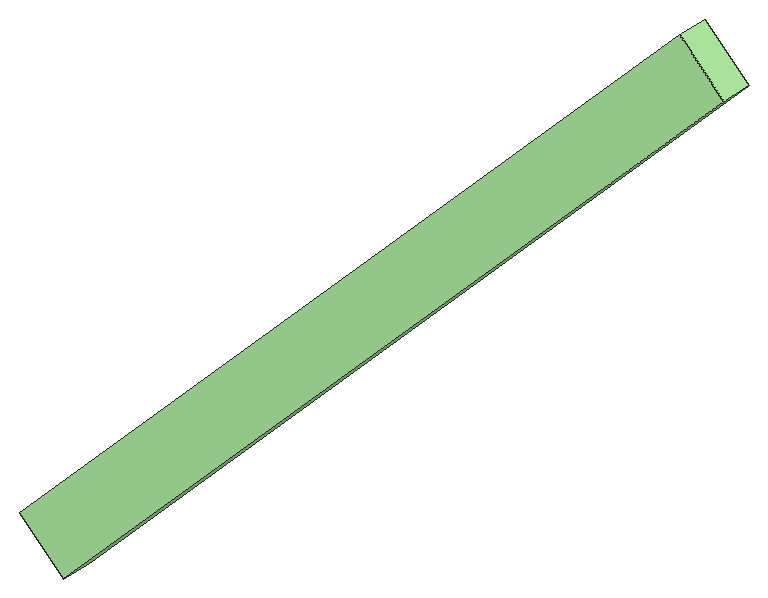
Revit family "ダクトサポート_H形鋼", category Generic Models, Revit 2020
Family settings
  Can host rebar = No
  Round Connector Dimension = Use Diameter
  Part Type = Normal
  Work Plane-Based = Yes
  Always vertical = No
  Cut with Voids When Loaded = No
  Shared = No
  Room Calculation Point = No
Parameters (values of type "Ｈ 100 x 50")
  高さ = 100 mm
  長辺 [instance] = 長さ  # 1500 mm
  長さ [instance] = 1500 mm
  部屋名 = ""
  角度 [instance] = 45.00°
  Default Elevation = 1219.2 mm
  構造マテリアル = E202_ダクトサポート
  幅 = 50 mm
Types (33, lengths in mm): name | 高さ | 長辺 | 長さ | 角度 | 幅
  Ｈ 900 x 300 | 900 | 1000 | 1000 | 45.00° | 300
  Ｈ 800 x 300 | 800 | 1000 | 1000 | 45.00° | 300
  Ｈ 700 x 300 | 700 | 1000 | 1000 | 45.00° | 300
  Ｈ 588 x 300 | 588 | 1000 | 1000 | 45.00° | 300
  Ｈ 600 x 200 | 600 | 1000 | 1000 | 45.00° | 200
  Ｈ 488 x 300 | 488 | 1000 | 1000 | 45.00° | 300
  Ｈ 500 x 200 | 500 | 1000 | 1000 | 45.00° | 200
  Ｈ 440 x 300 | 440 | 1000 | 1000 | 45.00° | 300
  Ｈ 450 x 200 | 450 | 1000 | 1000 | 90.00° | 200
  Ｈ 400 x 400 | 400 | 1000 | 1000 | 45.00° | 400
  Ｈ 390 x 300 | 390 | 1000 | 1000 | 45.00° | 300
  Ｈ 400 x 200 | 400 | 1000 | 1000 | 45.00° | 200
  Ｈ 350 x 350 | 350 | 1000 | 1000 | 45.00° | 350
  Ｈ 340 x 250 | 340 | 1000 | 1000 | 45.00° | 250
  Ｈ 294 x 200 | 294 | 1000 | 1000 | 45.00° | 200
  Ｈ 244 x 175 | 244 | 1000 | 1000 | 45.00° | 175
  Ｈ 350 x 175 | 350 | 1000 | 1000 | 45.00° | 175
  Ｈ 300 x 300 | 300 | 1000 | 1000 | 45.00° | 300
  Ｈ 300 x 150 | 300 | 1000 | 1000 | 45.00° | 150
  Ｈ 250 x 250 | 250 | 1000 | 1000 | 45.00° | 250
  Ｈ 250 x 125 | 250 | 1000 | 1000 | 45.00° | 125
  Ｈ 200 x 200 | 200 | 1000 | 1000 | 45.00° | 200
  Ｈ 194 x 150 | 194 | 1000 | 1000 | 45.00° | 150
  Ｈ 200 x 100 | 200 | 1000 | 1000 | 45.00° | 100
  Ｈ 175 x 175 | 175 | 1000 | 1000 | 45.00° | 175
  Ｈ 175 x 90 | 175 | 1000 | 1000 | 45.00° | 90
  Ｈ 150 x 150 | 150 | 500 | 500 | 45.00° | 150
  Ｈ 148 x 100 | 148 | 1000 | 1000 | 45.00° | 100
  Ｈ 150 x 75 | 150 | 1000 | 1000 | 45.00° | 75
  Ｈ 125 x 125 | 125 | 500 | 500 | 45.00° | 125
  Ｈ 125 x 60 | 125 | 1000 | 1000 | 45.00° | 60
  Ｈ 100 x100 | 100 | 500 | 500 | 45.00° | 100
  Ｈ 100 x 50 | 100 | 1500 | 1500 | 45.00° | 50
Reference planes
  plane 1 "中心(正面/背面)": y = 0
  plane 2: z = 0
  plane 3 "中心(左/右)": x = 0
Lines and regions (mm)
  reference lines
    curve 1: line (0, 0, 0) -> (777.817, 0, 777.817)
    curve 2: line (35.355, 0, -35.355) -> (-35.355, 0, 35.355)
    curve 3: line (1096.016, 0, 1025.305) -> (1025.305, 0, 1096.016)
Dimensions and locks
  equal spacing: curve 2, curve 1, curve 2
  "高さ": curve 2 to curve 2
  equal spacing: curve 3, curve 1, curve 3
  "高さ": curve 3 to curve 3
  "長さ": curve 3 to curve 2
  "角度": angle level to curve 1
  angle curve 2 to curve 1 = 90.00°
  angle curve 3 to curve 1 = 90.00°
  aligned and locked: level to plane 2
  aligned and locked: level to curve 1
  aligned and locked: plane 3 "中心(左/右)" to curve 1
  aligned and locked: nested 1 to curve 1
Nested families
  nested 1: "グレーチング_H形鋼 1" at (-35.355, 0, 35.355) x (0, 1, 0) z (0.7071, 0, -0.7071), 長さ <- "長さ", type "Ｈ 100 x 50"
    with 長辺 1500 mm, 長さ 1500 mm
Definition of nested family "グレーチング_H形鋼 1"
  Parameters (values of type "Ｈ 150 x 150")
    高さ = 150 mm
    長辺 [instance] = 長さ  # 500 mm
    長さ [instance] = 500 mm
    部屋名 = ""
    Default Elevation = 1219.2 mm
    構造マテリアル = none
    幅 = 150 mm
  Types (33, lengths in mm): name | 高さ | 長辺 | 長さ | 幅
    Ｈ 900 x 300 | 900 | 1000 | 1000 | 300
    Ｈ 800 x 300 | 800 | 1000 | 1000 | 300
    Ｈ 700 x 300 | 700 | 1000 | 1000 | 300
    Ｈ 588 x 300 | 588 | 1000 | 1000 | 300
    Ｈ 600 x 200 | 600 | 1000 | 1000 | 200
    Ｈ 488 x 300 | 488 | 1000 | 1000 | 300
    Ｈ 500 x 200 | 500 | 1000 | 1000 | 200
    Ｈ 440 x 300 | 440 | 1000 | 1000 | 300
    Ｈ 450 x 200 | 450 | 1000 | 1000 | 200
    Ｈ 400 x 400 | 400 | 1000 | 1000 | 400
    Ｈ 390 x 300 | 390 | 1000 | 1000 | 300
    Ｈ 400 x 200 | 400 | 1000 | 1000 | 200
    Ｈ 350 x 350 | 350 | 1000 | 1000 | 350
    Ｈ 340 x 250 | 340 | 1000 | 1000 | 250
    Ｈ 294 x 200 | 294 | 1000 | 1000 | 200
    Ｈ 244 x 175 | 244 | 1000 | 1000 | 175
    Ｈ 350 x 175 | 350 | 1000 | 1000 | 175
    Ｈ 300 x 300 | 300 | 1000 | 1000 | 300
    Ｈ 300 x 150 | 300 | 500 | 500 | 150
    Ｈ 250 x 250 | 250 | 500 | 500 | 250
    Ｈ 250 x 125 | 250 | 500 | 500 | 125
    Ｈ 200 x 200 | 200 | 500 | 500 | 200
    Ｈ 194 x 150 | 194 | 500 | 500 | 150
    Ｈ 200 x 100 | 200 | 500 | 500 | 100
    Ｈ 175 x 175 | 175 | 500 | 500 | 175
    Ｈ 175 x 90 | 175 | 500 | 500 | 90
    Ｈ 150 x 150 | 150 | 500 | 500 | 150
    Ｈ 148 x 100 | 148 | 500 | 500 | 100
    Ｈ 150 x 75 | 150 | 500 | 500 | 75
    Ｈ 125 x 125 | 125 | 500 | 500 | 125
    Ｈ 125 x 60 | 125 | 500 | 500 | 60
    Ｈ 100 x100 | 100 | 500 | 500 | 100
    Ｈ 100 x 50 | 100 | 500 | 500 | 50
  Reference planes
    plane 1 "中心(正面/背面)": y = 0
    plane 2: z = 0
    plane 3 "中心(左/右)": x = 0
    plane 4: z = 75
    plane 5: z = 150
  Forms (mm)
    Extrusion 1, solid, material <- "構造マテリアル"
      sketch origin (0, 0, 0) x (1, 0, 0) y (0, 1, 0)
        loop
          line (-75, 500) -> (-75, 0) -> (75, 0) -> (75, 500) -> (-75, 500)
      from 0 to 150
  Lines and regions (mm)
    reference lines
      curve 1: line (75, 500, 0) -> (-75, 500, 0)
      curve 2: line (75, 0, 0) -> (-75, 0, 0)
  Dimensions and locks
    "長さ": curve 1 to curve 2
    "幅": Extrusion 1 to Extrusion 1
    equal spacing: Extrusion 1, plane 3 "中心(左/右)", Extrusion 1
    "幅": curve 1 to curve 1
    equal spacing: curve 1, plane 3 "中心(左/右)", curve 1
    "幅": curve 2 to curve 2
    equal spacing: curve 2, plane 3 "中心(左/右)", curve 2
    equal spacing: plane 5, plane 4, level
    "高さ": plane 5 to level
    aligned and locked: level to plane 2
    aligned and locked: Extrusion 1 to curve 2
    aligned and locked: curve 1 to Extrusion 1
    aligned and locked: plane 5 to Extrusion 1
  Automatic sketch dimensions
    Extrusion 1 sketch curve to plane 3 "中心(左/右)" = 75 mm
    plane 3 "中心(左/右)" to Extrusion 1 sketch curve = 75 mm
    plane 1 "中心(正面/背面)" to Extrusion 1 sketch curve = 0 mm
    Extrusion 1 sketch curve to plane 1 "中心(正面/背面)" = 500 mm
    plane 1 "中心(正面/背面)" to curve 2 = 0 mm
